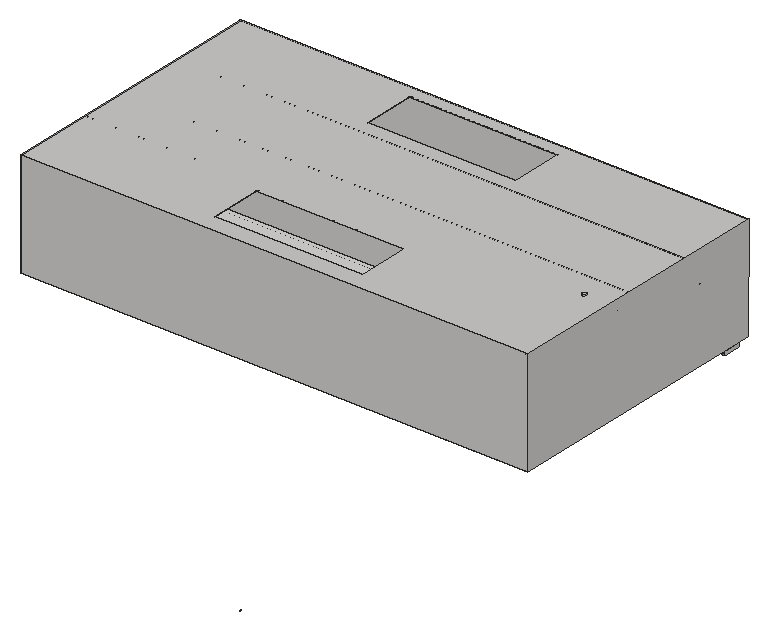
Revit family "QF_ELECTROLUXPROFESSIONAL_640230_STPF1324", category Attrezzature speciali, Revit 2021
Family settings
  Quota connettore circolare = Usa diametro
  Tipo di parte = Normale
  Basato su piano di lavoro = No
  Sempre verticale = Sì
  Taglio con vuoti quando caricato = No
  Condiviso = No
  Punto di calcolo locali = No
Parameters (values of type "Standard")
  Weight = 157.00 kg
  Watts = 160 W
  Volts = 220 V
  URL Manufacturer = "https://www.electroluxprofessional.com/"
  URL = "https://www.electroluxprofessional.com/"
  Steam Supply Size = 0 mm
  Steam Supply Minimum Pressure = 0.0 Pa
  Steam Supply Maximum Pressure = 0.0 Pa
  Steam Consumption per Hour = 0
  Refrigeration Suction Line Size = 0 mm
  Refrigeration Liquid Line Size = 0 mm
  Refrigerant Compressor Remote = yes
  Prospetto di default = 0 mm
  Produttore = "Electrolux Professional"
  Phase = 1
  Modello = "STPF1324"
  Length Actual = 2400 mm  # constant formula
  Item Number = "640230"
  Hot Water Size = 0 mm
  Height Actual = 500 mm  # constant formula
  HP = "0.2 HP"
  Gas Size = 0 mm
  Gas KW = 0
  Gas Input Pressure = 0 W
  Direct Waste Size = 0 mm
  Descrizione = "304 S/S WALL HOOD+FILTERS+LAMPS 240X130"
  Depth Actual = 1300 mm  # constant formula
  Cycle = 50 Hz
  Condensate Return Size = 0 mm
  Compressed Air Volume = 0.0 L/s
  Compressed Air Size = 0 mm
  Compressed Air Pressure = 0.0 Pa
  Cold Water Size = 0 mm
  Accessory = yes
Reference planes
  plane 1: z = 0
  plane 2 "Center (Left/Right)": x = 150
  plane 3 "LEFT": x = -1050
  plane 4 "RIGHT": x = 1350
  plane 5 "BACK": y = 550
  plane 6 "TOP": z = 2500
  plane 7 "Base": z = 2000
  plane 8: z = 1955
  plane 9 "DrainY": y = 490
  plane 10: x = -1047
  plane 11 "DrainX": x = 1230
  plane 12 "AOLeft2": x = 500
  plane 13: x = 1347
  plane 14: x = -850
  plane 15: x = 1150
  plane 16 "Center (Front/Back)": y = -100
  plane 17 "Front": y = -750
  plane 18 "AOLeft1": x = -200
  plane 19: y = -664
  plane 20: y = -414
  plane 21: y = 240
  plane 22: y = 490
  plane 23 "EI_y": y = -270
  plane 24 "EIx": x = 1230
Forms (mm)
  Extrusion 1, solid, material "QF_Finishes_Stainless Steel"
    sketch origin (-1050, 0, 360) x (0, 1, 0) y (0, 0, 1)
      loop
        line (550, 1640) -> (550, 2140) -> (-750, 2140) -> (-750, 1640) -> (550, 1640)
    from 0 to 3
  Extrusion 2, solid, material "QF_Finishes_Stainless Steel"
    sketch origin (1350, 0, 360) x (0, 1, 0) y (0, 0, 1)
      loop
        line (550, 1640) -> (550, 2140) -> (-750, 2140) -> (-750, 1640) -> (550, 1640)
    from 0 to -3
  Extrusion 3, solid, material "QF_Finishes_Stainless Steel"
    sketch origin (150, 0, 360) x (0, 1, 0) y (0, 0, 1)
      loop
        line (-750, 2140) -> (-750, 1640) -> (-740, 1640) -> (-740, 1640.8) -> (-749.2, 1640.8) -> (-749.2, 2139.19) -> (549.2, 2139.19) -> (549.2, 1640.8) -> (540, 1640.8) -> (540, 1640) -> (550, 1640) -> (550, 2140) -> (-750, 2140)
    from -1200 to 1200
  Extrusion 4, solid, material "QF_Finishes_Stainless Steel"
    sketch origin (0, 0, 2000) x (0, 1, 0) y (-1, 0, 0)
      loop
        circle (490, -1230) r 4.763
    from -30 to 0
  Extrusion 5, void
    sketch origin (0, 0, 2500) x (0, 1, 0) y (-1, 0, 0)
      loop
        line (-414, -500) -> (-414, 200) -> (-664, 200) -> (-664, -500) -> (-414, -500)
    from 0 to -10
  Extrusion 6, solid, material "QF_Finishes_Stainless Steel"
    sketch origin (0, 0, 0) x (1, 0, 0) y (0, 1, 0)
      loop
        line (-1050, 550) -> (-1050, 549) -> (-1049, 549) -> (-1049, 550) -> (-1050, 550)
    from 0 to 1
  Extrusion 7, solid, material "QF_LAMPS"
    sketch origin (150, 0, 360) x (0, 1, 0) y (0, 0, 1)
      loop
        line (-372.823, 1962.324) -> (-218.948, 2086.929) -> (-227.129, 2097.032) -> (-381.003, 1972.426) -> (-372.823, 1962.324)
    from 1197 to -1197
  Extrusion 8, solid, material "QF_Finishes_Stainless Steel"
    sketch origin (150, 0, 360) x (0, 1, 0) y (0, 0, 1)
      loop
        line (-750, 2139.19) -> (-750, 1640) -> (-686.602, 1640) -> (-599.146, 1690.493) -> (-610.058, 1709.394) -> (-666.564, 1676.77) -> (-714.704, 1680.982) -> (-749.2, 1730.248) -> (-749.2, 2139.19) -> (-750, 2139.19)
      loop
        line (-373.6, 1961.694) -> (-381.937, 1971.99) -> (-369.095, 1982.182) -> (-369.095, 2139.19) -> (-369.895, 2139.19) -> (-369.895, 1982.569) -> (-682.298, 1734.63) -> (-671.091, 1720.79) -> (-373.6, 1961.694)
      loop
        line (-227.61, 2099.216) -> (-218.171, 2087.559) -> (-154.411, 2139.19) -> (-155.682, 2139.19) -> (-218.052, 2088.684) -> (-226.989, 2099.719) -> (-227.61, 2099.216)
    from -1197 to 1197
  Sweep 9, solid, material "QF_Finishes_Stainless Steel"
    path origin (0, 0, 0) x (1, 0, 0) y (0, 1, 0)
      loop
        line (1350, 550) -> (-1050, 550) -> (-1050, -750) -> (1350, -750) -> (1350, 550)
    profile origin (1350, -100, 0) x (1, 0, 0) y (0, 0, 1)
      loop
        line (-3, 2000) -> (-3, 2000.8) -> (-19, 2000.8) -> (-19, 2010) -> (-20, 2010) -> (-20, 2000) -> (-3, 2000)
  Extrusion 10, solid, material "QF_Finishes_Stainless Steel"
    sketch origin (150, 0, 0) x (0, 1, 0) y (0, 0, 1)
      loop
        line (414.66, 2095.469) -> (440.643, 2110.471) -> (261.744, 2411.771) -> (235.948, 2396.455) -> (414.66, 2095.469)
    from -1197 to -1000
  Extrusion 11, solid, material "QF_Finishes_Stainless Steel"
    sketch origin (1230, 0, 0) x (0, 1, 0) y (0, 0, 1)
      loop
        line (539, 2000) -> (441, 2000) -> (441, 1989) -> (448.5, 1989) -> (448.5, 1965)
        arc (448.5, 1965) -> (451.429, 1957.929) -> (458.5, 1955) r 10
        line (458.5, 1955) -> (521.5, 1955)
        arc (521.5, 1955) -> (528.571, 1957.929) -> (531.5, 1965) r 10
        line (531.5, 1965) -> (531.5, 1989) -> (539, 1989) -> (539, 2000)
    from 90 to -90
  Extrusion 12, solid, material "QF_Finishes_Stainless Steel"
    sketch origin (150, 0, 360) x (0, 1, 0) y (0, 0, 1)
      loop
        line (-750, 2139.19) -> (-750, 1640) -> (-686.602, 1640) -> (-599.146, 1690.493) -> (-610.058, 1709.394) -> (-666.564, 1676.77) -> (-714.704, 1680.982) -> (-749.2, 1730.248) -> (-749.2, 2139.19) -> (-750, 2139.19)
      loop
        line (-373.6, 1961.694) -> (-381.937, 1971.99) -> (-369.095, 1982.182) -> (-369.095, 2139.19) -> (-369.895, 2139.19) -> (-369.895, 1982.569) -> (-682.298, 1734.63) -> (-671.091, 1720.79) -> (-373.6, 1961.694)
      loop
        line (-227.61, 2099.216) -> (-218.171, 2087.559) -> (-154.411, 2139.19) -> (-155.682, 2139.19) -> (-218.052, 2088.684) -> (-226.989, 2099.719) -> (-227.61, 2099.216)
    from -1197 to 1197
  Extrusion 13, solid, material "QF_Finishes_Stainless Steel"
    sketch origin (150, 0, 0) x (0, 1, 0) y (0, 0, 1)
      loop
        line (414.66, 2095.469) -> (440.643, 2110.471) -> (261.744, 2411.771) -> (235.948, 2396.455) -> (414.66, 2095.469)
    from 1000 to 1197
  Extrusion 14, solid, material "QF_Finished_Chrome"
    sketch origin (150, 0, 0) x (0, 1, 0) y (0, 0, 1)
      loop
        line (414.66, 2095.469) -> (440.643, 2110.471) -> (261.744, 2411.771) -> (235.948, 2396.455) -> (414.66, 2095.469)
    from -1000 to 1000
  Extrusion 15, void
    sketch origin (0, 1180, 2500) x (0, 1, 0) y (-1, 0, 0)
      loop
        line (-690, -500) -> (-690, 200) -> (-940, 200) -> (-940, -500) -> (-690, -500)
    from 0 to -10
  Extrusion 16, solid, material "QF_Finishes_Stainless Steel"
    sketch origin (0, 0, 2500) x (0, 1, 0) y (-1, 0, 0)
      loop
        circle (-270, -1230) r 10
    from 0 to 1.6
  Extrusion 17, solid, material "QF_Finishes_Stainless Steel"
    sketch origin (150, 0, 360) x (0, 1, 0) y (0, 0, 1)
      loop
        line (430.005, 1640) -> (540, 1640) -> (540, 1640.8) -> (430.467, 1640.8) -> (371.906, 1742.23) -> (414.858, 1734.657) -> (442.266, 1750.481) -> (442.266, 1765.943) -> (441.466, 1765.943) -> (441.466, 1750.943) -> (414.709, 1735.495) -> (321.153, 1751.991) -> (320.875, 1750.416) -> (371.4, 1741.507) -> (430.005, 1640)
      loop
        line (172.529, 2139.19) -> (242.893, 2017.316) -> (245.133, 2018.715) -> (240.13, 2027.381) -> (238.569, 2026.405) -> (173.453, 2139.19) -> (172.529, 2139.19)
    from -1197 to 1197
Cuts and joins
  Extrusion 5, Extrusion 15 cuts Extrusion 3
  joined: Extrusion 2, Extrusion 3, Sweep 9
Lines and regions (mm)
  symbolic lines, style "SpecialityEquipment", detail levels coarse
    curve 1: line (1350, 550, 2500) -> (-1050, 550, 2500)
    curve 2: line (-1050, 550, 2500) -> (-1050, -750, 2500)
    curve 3: line (1350, -750, 2500) -> (1350, 550, 2500)
    curve 4: line (-1050, 550, 0) -> (1350, -750, 0)
    curve 5: line (1350, 550, 0) -> (-1050, -750, 0)
    curve 6: line (-1050, -750, 0) -> (1350, -750, 0)
    curve 7: line (500, -414, 0) -> (-200, -414, 0)
    curve 8: line (500, -664, 0) -> (500, -414, 0)
    curve 9: line (-200, -664, 0) -> (500, -664, 0)
    curve 10: line (-200, -414, 0) -> (-200, -664, 0)
  symbolic lines, detail levels coarse
    curve 11: line (-200, 240, 2500) -> (500, 240, 2500)
    curve 12: line (-200, 490, 2500) -> (-200, 240, 2500)
    curve 13: line (500, 490, 2500) -> (-200, 490, 2500)
    curve 14: line (500, 240, 2500) -> (500, 490, 2500)
Dimensions and locks
  plane 3 "LEFT" to plane 4 "RIGHT" = 2400 mm
  equal spacing: plane 3 "LEFT", plane 2 "Center (Left/Right)", plane 4 "RIGHT"
  plane 7 "Base" to plane 8 = 45 mm
  plane 5 "BACK" to plane 9 "DrainY" = 60 mm  (x2)
  plane 3 "LEFT" to plane 10 = 3 mm
  plane 11 "DrainX" to plane 4 "RIGHT" = 120 mm
  plane 13 to plane 4 "RIGHT" = 3 mm
  plane 3 "LEFT" to plane 14 = 200 mm
  plane 15 to plane 4 "RIGHT" = 200 mm
  locked: plane 7 "Base" to level at 2000
  locked: plane 6 "TOP" to plane 7 "Base" at 500
  locked: plane 5 "BACK" to plane 17 "Front" at 1300
  equal spacing: plane 5 "BACK", plane 16 "Center (Front/Back)", plane 17 "Front"
  locked: plane 20 to plane 19 at 250
  plane 19 to plane 17 "Front" = 86 mm
  locked: plane 22 to plane 21 at 250
  plane 5 "BACK" to plane 22 = 60 mm
  locked: plane 23 "EI_y" to plane 17 "Front" at 480
  locked: plane 24 "EIx" to plane 4 "RIGHT" at 120
  locked: plane 18 "AOLeft1" to plane 12 "AOLeft2" at 700
  equal spacing: plane 18 "AOLeft1", plane 2 "Center (Left/Right)", plane 12 "AOLeft2"
  plane 5 "BACK" to plane 17 "Front" = 1300 mm
  aligned and locked: level to plane 1
  aligned and locked: plane 4 "RIGHT" to Extrusion 3
  aligned and locked: Extrusion 3 to plane 3 "LEFT"
  aligned and locked: Extrusion 2 to plane 13
  aligned and locked: Extrusion 10 to plane 10
  aligned and locked: Extrusion 8 to plane 10
  aligned and locked: plane 13 to Extrusion 8
  aligned and locked: Extrusion 5 to plane 18 "AOLeft1"
  aligned and locked: Extrusion 5 to plane 12 "AOLeft2"
  aligned and locked: plane 14 to Extrusion 10
  aligned and locked: plane 15 to Extrusion 13
  aligned and locked: plane 13 to Extrusion 13
  aligned and locked: Extrusion 14 to plane 14
  aligned and locked: Extrusion 14 to plane 15
  aligned and locked: plane 13 to Extrusion 7
  aligned and locked: Extrusion 7 to plane 10
  aligned and locked: Extrusion 15 to plane 21
  aligned and locked: plane 22 to Extrusion 15
  aligned and locked: Extrusion 15 to plane 18 "AOLeft1"
  aligned and locked: Extrusion 15 to plane 12 "AOLeft2"
  aligned and locked: Extrusion 17 to plane 10
  aligned and locked: plane 13 to Extrusion 17
  aligned and locked: plane 13 to Extrusion 12
  aligned and locked: Extrusion 12 to plane 10
  aligned and locked: cut or joined group of Extrusion 2, Extrusion 3, Extrusion 5, Sweep 9, Extrusion 15 to curve 7
  aligned and locked: cut or joined group of Extrusion 2, Extrusion 3, Extrusion 5, Sweep 9, Extrusion 15 to plane 19
  aligned and locked: curve 9 to plane 19
Automatic sketch dimensions
  curve 6 to plane 3 "LEFT" = 0 mm
  curve 4 to plane 3 "LEFT" = 0 mm
  curve 10 to plane 18 "AOLeft1" = 0 mm
  curve 8 to plane 12 "AOLeft2" = 0 mm
  curve 5 to plane 4 "RIGHT" = 0 mm
  curve 6 to plane 4 "RIGHT" = 0 mm
  curve 4 to plane 17 "Front" = 0 mm
  curve 4 to plane 5 "BACK" = 0 mm
  curve 5 to plane 5 "BACK" = 0 mm
  curve 2 to plane 3 "LEFT" = 0 mm
  curve 2 to plane 17 "Front" = 0 mm
  curve 3 to plane 4 "RIGHT" = 0 mm
  curve 3 to plane 17 "Front" = 0 mm
  curve 2 to plane 5 "BACK" = 0 mm
  Extrusion 1 sketch curve to plane 7 "Base" = 0 mm
  Extrusion 1 sketch curve to plane 17 "Front" = 0 mm
  Extrusion 1 sketch curve to plane 5 "BACK" = 0 mm
  Extrusion 1 sketch curve to plane 6 "TOP" = 0 mm
  Extrusion 2 sketch curve to plane 7 "Base" = 0 mm
  Extrusion 2 sketch curve to plane 17 "Front" = 0 mm
  Extrusion 2 sketch curve to plane 5 "BACK" = 0 mm
  Extrusion 2 sketch curve to plane 6 "TOP" = 0 mm
  Extrusion 3 sketch curve to plane 6 "TOP" = 0 mm
  Extrusion 3 sketch curve to plane 17 "Front" = 0 mm
  Extrusion 3 sketch curve to plane 7 "Base" = 0 mm  (x2)
  Extrusion 3 sketch curve to plane 5 "BACK" = 0 mm
  plane 17 "Front" to Extrusion 3 sketch curve = 0.8 mm
  Extrusion 3 sketch curve to Extrusion 3 sketch curve = 9.2 mm
  plane 7 "Base" to Extrusion 3 sketch curve = 0.8 mm  (x2)
  Extrusion 3 sketch curve to plane 5 "BACK" = 10 mm
  Extrusion 3 sketch curve to plane 5 "BACK" = 0.8 mm
  Extrusion 3 sketch curve to plane 6 "TOP" = 0.81 mm
  Extrusion 4 sketch curve to plane 9 "DrainY" = 0 mm
  Extrusion 4 sketch curve to plane 11 "DrainX" = 0 mm
  Extrusion 5 sketch curve to plane 12 "AOLeft2" = 0 mm
  Extrusion 5 sketch curve to plane 18 "AOLeft1" = 0 mm
  plane 19 to Extrusion 5 sketch curve = 0 mm
  Extrusion 5 sketch curve to plane 23 "EI_y" = 144 mm
  Extrusion 6 sketch curve to plane 3 "LEFT" = 0 mm
  Extrusion 6 sketch curve to plane 5 "BACK" = 0 mm
  plane 3 "LEFT" to Extrusion 6 sketch curve = 1 mm
  Extrusion 6 sketch curve to Extrusion 6 sketch curve = 1 mm
  plane 20 to Extrusion 7 sketch curve = 32.997 mm
  Extrusion 7 sketch curve to Extrusion 7 sketch curve = 8.181 mm  (x2)
  plane 23 "EI_y" to Extrusion 7 sketch curve = 42.871 mm
  Extrusion 7 sketch curve to plane 6 "TOP" = 177.676 mm
  Extrusion 7 sketch curve to Extrusion 7 sketch curve = 10.102 mm
  Extrusion 7 sketch curve to plane 6 "TOP" = 53.071 mm
  Extrusion 7 sketch curve to Extrusion 7 sketch curve = 10.103 mm
  Extrusion 8 sketch curve to plane 7 "Base" = 0 mm
  Extrusion 8 sketch curve to plane 17 "Front" = 0 mm
  Extrusion 8 sketch curve to Extrusion 8 sketch curve = 0.8 mm  (x2)
  plane 17 "Front" to Extrusion 8 sketch curve = 35.296 mm
  Extrusion 8 sketch curve to plane 19 = 22.602 mm
  Extrusion 8 sketch curve to plane 19 = 18.298 mm
  Extrusion 8 sketch curve to plane 19 = 7.091 mm
  Extrusion 8 sketch curve to plane 19 = 2.564 mm
  plane 19 to Extrusion 8 sketch curve = 53.942 mm
  Extrusion 8 sketch curve to Extrusion 8 sketch curve = 10.912 mm
  plane 20 to Extrusion 8 sketch curve = 32.063 mm
  Extrusion 8 sketch curve to Extrusion 8 sketch curve = 8.337 mm
  Extrusion 8 sketch curve to Extrusion 8 sketch curve = 12.042 mm
  plane 23 "EI_y" to Extrusion 8 sketch curve = 42.39 mm
  Extrusion 8 sketch curve to Extrusion 8 sketch curve = 0.622 mm
  Extrusion 8 sketch curve to Extrusion 8 sketch curve = 9.44 mm
  Extrusion 8 sketch curve to Extrusion 8 sketch curve = 0.118 mm
  Extrusion 8 sketch curve to plane 6 "TOP" = 0.81 mm  (x3)
  Extrusion 8 sketch curve to plane 16 "Center (Front/Back)" = 55.682 mm
  Extrusion 8 sketch curve to Extrusion 8 sketch curve = 1.271 mm
  plane 7 "Base" to Extrusion 8 sketch curve = 36.77 mm
  plane 7 "Base" to Extrusion 8 sketch curve = 40.982 mm
  plane 7 "Base" to Extrusion 8 sketch curve = 50.493 mm
  Extrusion 8 sketch curve to Extrusion 8 sketch curve = 18.901 mm
  Extrusion 8 sketch curve to Extrusion 8 sketch curve = 44.02 mm
  Extrusion 8 sketch curve to Extrusion 8 sketch curve = 49.266 mm
  Extrusion 8 sketch curve to Extrusion 8 sketch curve = 13.84 mm
  Extrusion 8 sketch curve to plane 6 "TOP" = 178.306 mm
  Extrusion 8 sketch curve to Extrusion 8 sketch curve = 10.296 mm
  Extrusion 8 sketch curve to Extrusion 8 sketch curve = 10.192 mm
  Extrusion 8 sketch curve to Extrusion 8 sketch curve = 0.386 mm
  Extrusion 8 sketch curve to plane 6 "TOP" = 52.441 mm
  Extrusion 8 sketch curve to Extrusion 8 sketch curve = 1.125 mm
  Sweep 9 sketch curve to plane 3 "LEFT" = 0 mm
  Sweep 9 sketch curve to plane 4 "RIGHT" = 0 mm
  Sweep 9 sketch curve to plane 17 "Front" = 0 mm
  Sweep 9 sketch curve to plane 5 "BACK" = 0 mm
  profile plane to Sweep 9 sketch curve = 20 mm
  Sweep 9 sketch curve to Sweep 9 sketch curve = 1 mm
  profile plane to Sweep 9 sketch curve = 3 mm
  level to Sweep 9 sketch curve = 2000 mm
  Sweep 9 sketch curve to Sweep 9 sketch curve = 0.8 mm
  Sweep 9 sketch curve to Sweep 9 sketch curve = 9.2 mm
  Extrusion 10 sketch curve to plane 21 = 4.052 mm
  plane 21 to Extrusion 10 sketch curve = 21.744 mm
  Extrusion 10 sketch curve to plane 9 "DrainY" = 75.34 mm
  Extrusion 10 sketch curve to Extrusion 10 sketch curve = 25.983 mm
  plane 7 "Base" to Extrusion 10 sketch curve = 95.469 mm
  Extrusion 10 sketch curve to Extrusion 10 sketch curve = 15.001 mm
  Extrusion 10 sketch curve to plane 6 "TOP" = 103.545 mm
  Extrusion 10 sketch curve to Extrusion 10 sketch curve = 15.316 mm
  Extrusion 12 sketch curve to plane 7 "Base" = 0 mm
  Extrusion 12 sketch curve to plane 17 "Front" = 0 mm
  Extrusion 12 sketch curve to Extrusion 12 sketch curve = 0.8 mm  (x2)
  plane 17 "Front" to Extrusion 12 sketch curve = 35.296 mm
  Extrusion 12 sketch curve to plane 19 = 22.602 mm
  Extrusion 12 sketch curve to plane 19 = 18.298 mm
  Extrusion 12 sketch curve to plane 19 = 7.091 mm
  Extrusion 12 sketch curve to plane 19 = 2.564 mm
  plane 19 to Extrusion 12 sketch curve = 53.942 mm
  Extrusion 12 sketch curve to Extrusion 12 sketch curve = 10.912 mm
  plane 20 to Extrusion 12 sketch curve = 32.063 mm
  Extrusion 12 sketch curve to Extrusion 12 sketch curve = 8.337 mm
  Extrusion 12 sketch curve to plane 6 "TOP" = 0.81 mm  (x3)
  plane 20 to Extrusion 12 sketch curve = 44.105 mm
  plane 23 "EI_y" to Extrusion 12 sketch curve = 42.39 mm
  Extrusion 12 sketch curve to Extrusion 12 sketch curve = 0.622 mm
  Extrusion 12 sketch curve to Extrusion 12 sketch curve = 9.44 mm
  Extrusion 12 sketch curve to Extrusion 12 sketch curve = 0.118 mm
  Extrusion 12 sketch curve to plane 16 "Center (Front/Back)" = 55.682 mm
  Extrusion 12 sketch curve to Extrusion 12 sketch curve = 1.271 mm
  plane 7 "Base" to Extrusion 12 sketch curve = 36.77 mm
  plane 7 "Base" to Extrusion 12 sketch curve = 40.982 mm
  plane 7 "Base" to Extrusion 12 sketch curve = 50.493 mm
  Extrusion 12 sketch curve to Extrusion 12 sketch curve = 18.901 mm
  Extrusion 12 sketch curve to Extrusion 12 sketch curve = 44.02 mm
  Extrusion 12 sketch curve to Extrusion 12 sketch curve = 49.266 mm
  Extrusion 12 sketch curve to Extrusion 12 sketch curve = 13.84 mm
  Extrusion 12 sketch curve to Extrusion 12 sketch curve = 177.496 mm
  Extrusion 12 sketch curve to Extrusion 12 sketch curve = 10.296 mm
  Extrusion 12 sketch curve to Extrusion 12 sketch curve = 10.192 mm
  Extrusion 12 sketch curve to Extrusion 12 sketch curve = 0.386 mm
  Extrusion 12 sketch curve to plane 6 "TOP" = 52.441 mm
  Extrusion 12 sketch curve to Extrusion 12 sketch curve = 1.125 mm
  Extrusion 13 sketch curve to plane 21 = 4.052 mm
  plane 21 to Extrusion 13 sketch curve = 21.744 mm
  Extrusion 13 sketch curve to plane 9 "DrainY" = 75.34 mm
  Extrusion 13 sketch curve to Extrusion 13 sketch curve = 25.983 mm
  plane 7 "Base" to Extrusion 13 sketch curve = 95.469 mm
  Extrusion 13 sketch curve to Extrusion 13 sketch curve = 15.001 mm
  Extrusion 13 sketch curve to plane 6 "TOP" = 103.545 mm
  Extrusion 13 sketch curve to Extrusion 13 sketch curve = 15.316 mm
  Extrusion 14 sketch curve to plane 21 = 4.052 mm
  plane 21 to Extrusion 14 sketch curve = 21.744 mm
  Extrusion 14 sketch curve to plane 9 "DrainY" = 75.34 mm
  Extrusion 14 sketch curve to Extrusion 14 sketch curve = 25.983 mm
  plane 7 "Base" to Extrusion 14 sketch curve = 95.469 mm
  Extrusion 14 sketch curve to Extrusion 14 sketch curve = 15.001 mm
  Extrusion 14 sketch curve to plane 6 "TOP" = 103.545 mm
  Extrusion 14 sketch curve to Extrusion 14 sketch curve = 15.316 mm
  Extrusion 15 sketch curve to plane 12 "AOLeft2" = 0 mm
  Extrusion 15 sketch curve to plane 21 = 0 mm
  Extrusion 15 sketch curve to plane 9 "DrainY" = 0 mm
  Extrusion 15 sketch curve to plane 18 "AOLeft1" = 0 mm
  Extrusion 16 sketch curve to plane 23 "EI_y" = 0 mm
  Extrusion 16 sketch curve to plane 24 "EIx" = 0 mm
  Extrusion 17 sketch curve to plane 7 "Base" = 0 mm
  Extrusion 17 sketch curve to plane 9 "DrainY" = 47.734 mm
  Extrusion 17 sketch curve to Extrusion 17 sketch curve = 0.8 mm
  plane 9 "DrainY" to Extrusion 17 sketch curve = 50 mm
  plane 7 "Base" to Extrusion 17 sketch curve = 0.8 mm
  Extrusion 17 sketch curve to Extrusion 17 sketch curve = 109.533 mm
  Extrusion 17 sketch curve to Extrusion 17 sketch curve = 0.462 mm  (x2)
  Extrusion 17 sketch curve to Extrusion 17 sketch curve = 26.608 mm
  Extrusion 17 sketch curve to Extrusion 17 sketch curve = 0.148 mm
  Extrusion 17 sketch curve to Extrusion 17 sketch curve = 42.803 mm
  Extrusion 17 sketch curve to Extrusion 17 sketch curve = 0.506 mm
  Extrusion 17 sketch curve to Extrusion 17 sketch curve = 50.247 mm
  Extrusion 17 sketch curve to Extrusion 17 sketch curve = 0.278 mm
  plane 21 to Extrusion 17 sketch curve = 5.133 mm
  Extrusion 17 sketch curve to Extrusion 17 sketch curve = 2.24 mm
  plane 21 to Extrusion 17 sketch curve = 0.13 mm
  Extrusion 17 sketch curve to plane 21 = 1.431 mm
  Extrusion 17 sketch curve to plane 6 "TOP" = 0.81 mm
  Extrusion 17 sketch curve to plane 21 = 66.547 mm
  Extrusion 17 sketch curve to Extrusion 17 sketch curve = 0.924 mm
  plane 7 "Base" to Extrusion 17 sketch curve = 94.657 mm
  Extrusion 17 sketch curve to Extrusion 17 sketch curve = 0.838 mm
  Extrusion 17 sketch curve to Extrusion 17 sketch curve = 6.012 mm
  Extrusion 17 sketch curve to Extrusion 17 sketch curve = 0.723 mm
  Extrusion 17 sketch curve to Extrusion 17 sketch curve = 14.986 mm
  Extrusion 17 sketch curve to Extrusion 17 sketch curve = 15 mm
  Extrusion 17 sketch curve to plane 6 "TOP" = 122.684 mm
  Extrusion 17 sketch curve to Extrusion 17 sketch curve = 1.399 mm
  Extrusion 17 sketch curve to Extrusion 17 sketch curve = 9.089 mm
  Extrusion 17 sketch curve to Extrusion 17 sketch curve = 0.975 mm
  curve 11 to plane 18 "AOLeft1" = 0 mm
  curve 11 to plane 21 = 0 mm
  curve 12 to plane 9 "DrainY" = 0 mm
  curve 11 to plane 12 "AOLeft2" = 0 mm
  Extrusion 11 sketch curve to plane 8 = 0 mm
  Extrusion 11 sketch curve to plane 7 "Base" = 11 mm  (x2)
  Extrusion 11 sketch curve to plane 9 "DrainY" = 49 mm
  Extrusion 11 sketch curve to Extrusion 11 sketch curve = 7.5 mm  (x2)
  Extrusion 11 sketch curve to Extrusion 11 sketch curve = 10 mm
  Extrusion 11 sketch curve to plane 5 "BACK" = 28.5 mm
  Extrusion 11 sketch curve to plane 5 "BACK" = 18.5 mm
  plane 7 "Base" to Extrusion 11 sketch curve = 0 mm
  radius of Extrusion 4 sketch curve = 4.763 mm
  radius of Extrusion 16 sketch curve = 10 mm
Connectors
  piping at (1230, 490, 1970), diameter 9.5
    settings: on Extrusion 4, index 1, connector inside diameter 609.6 mm, connector length 0 mm, flow factor 0, pipe flow 0.0 L/s, pressure drop 0.0 Pa, fitting loss kfactor 0, connector angle 0.00°, fixture units 0, engagement length 0 mm, angle of deflection 0.00°, flow configuration 1, flow direction 2, fitting loss method 0, system type 16, joint type 0, gender type 0, connector reference index -1, connector utility 0, adjustable connector no, is connector primary yes, connector description "Drain"
  hvac at (150, -539, 2500)
    settings: on Extrusion 5, index 2, duct flow 0.0 L/s, flow factor 0, pres drop 0.0 Pa, loss coef 0, conn angle 0.00°, conn width 250 mm, conn height 700 mm, conn diameter 609.6 mm, duct sys type 1, conn prof type 1, flow config 1, flow direction 1, loss method 0, conn ref index -1, conn util no, is conn primary yes, conn desc "AIR INLET"
  hvac at (150, 365, 2500)
    settings: on Extrusion 15, index 4, duct flow 0.0 L/s, flow factor 0, pres drop 0.0 Pa, loss coef 0, conn angle 0.00°, conn width 250 mm, conn height 700 mm, conn diameter 609.6 mm, duct sys type 3, conn prof type 1, flow config 1, flow direction 2, loss method 0, conn ref index -1, conn util no, is conn primary no, conn desc "EXHAUST OUTLET"
  electrical at (1230, -270, 2501.6), driven by "Volts"
    settings: on Extrusion 16, index 6, voltage 220 V, apparent load 0 VA, apparent load phase1 0 VA, apparent load phase2 0 VA, apparent load phase3 0 VA, power factor 1, load classification "Other", number of poles 1, system type 30, power factor state 1, is connector primary yes, connector utility no, sub classification motor no, connector description "Electrical Connection"
